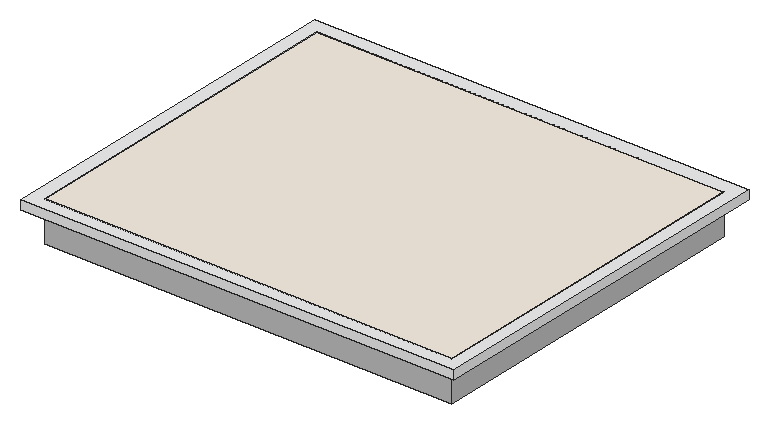
Revit family "Lighting-Industriale-GEWISS-ELIA-HL-LED_RIFLETTORE", category Apparecchi per illuminazione, host Superficie, Revit 2019 (continued)
Types (12, lengths in mm): name | Tensione | Scheda Tecnica | Potenza di sistema | Peso (kg): | Peso (kg) | Ottica | built-in parameter 1150142 | Lumen output (lm) | Modello | IDT | File diagramma fotometrico | Description
    676.76 15460.93 15242.31 15018.11 14788.35 14546.06 \r\n14289.84 14014.12 13723.09 13418.13 13103.43 12785.94 \r\n12471.23 12163.49 11859.92 11559.14 11262.54 10967.33 \r\n10672.12 10378.30 10091.45 9814.34 9541.41 9268.48 \r\n8999.73 8735.15 8476.15 8225.50 7983.20 7747.87 7516.72 \r\n7291.13 7068.33 6851.10 6636.66 6424.99 6211.94 6000.28 \r\n5788.62 5582.53 5377.84 5180.10 4986.54 4804.13 4627.28 \r\n4453.22 4283.33 4117.62 3957.49 3808.49 3665.06 3527.20 \r\n3394.92 3266.81 3144.27 3027.30 2914.50 2804.91 2699.64 \r\n2600.22 2504.13 2408.89 2316.84 2230.78 2147.79 2065.36 \r\n1984.31 1903.13 1824.73 1752.74 1684.65 1618.22 1554.87 \r\n1495.96 1439.85 1384.98 1331.93 1281.24 1232.78 1185.85 \r\n1141.01 1098.54 1058.44 1020.56 984.50 949.96 916.26 \r\n882.57 849.29 816.01 783.70 754.04 726.33 701.68 677.87 \r\n653.22 627.60 599.47 571.90 547.67 525.39 504.64 485.15 \r\n466.21 447.83 430.28 414.83 403.41 393.94 384.61 375.28 \r\n366.37 354.95 336.29 315.40 297.44 279.27 259.77 238.77 \r\n215.22 190.51 165.50 140.68 116.79 93.97 72.19 52.66 \r\n36.62 23.96 15.23 9.48 5.89 4.72 \r\n20514.31 20512.92 20504.56 20492.03 20472.54 20447.47 \r\n20416.84 20383.42 20345.82 20304.04 20256.70 20206.57 \r\n20152.26 20092.38 20029.72 19965.67 19896.04 19825.02 \r\n19751.22 19670.45 19589.69 19507.53 19422.59 19332.08 \r\n19237.39 19138.52 19034.08 18922.68 18807.10 18688.74 \r\n18564.81 18436.70 18305.81 18169.34 18030.09 17893.63 \r\n17755.77 17615.13 17471.70 17325.49 17175.10 17021.92 \r\n16861.78 16687.72 16502.52 16310.35 16108.44 15900.96 \r\n15687.90 15472.07 15252.05 15029.25 14798.10 14557.20 \r\n14300.98 14025.26 13734.23 13427.88 13115.96 12799.86 \r\n12485.16 12177.41 11872.46 11571.68 11273.68 10977.08 \r\n10681.87 10388.05 10099.80 9822.69 9549.76 9278.23 \r\n9008.08 8742.11 8483.11 8232.46 7988.77 7750.66 7519.50 \r\n7291.13 7068.33 6851.10 6635.26 6420.82 6210.55 5997.50 \r\n5787.23 5579.75 5376.44 5177.32 4985.15 4802.73 4625.89 \r\n4450.43 4280.55 4113.44 3954.70 3804.31 3663.67 3524.42 \r\n3392.13 3265.41 3141.48 3024.51 2911.72 2801.43 2695.46 \r\n2595.62 2499.12 2403.59 2311.55 2225.49 2142.64 2060.62 \r\n1980.00 1899.23 1821.53 1749.95 1682.00 1615.44 1552.22 \r\n1493.46 1437.48 1382.33 1329.00 1278.73 1230.27 1183.76 \r\n1139.07 1096.45 1056.21 1018.20 982.27 947.87 914.45 \r\n881.17 848.03 814.61 782.45 752.65 725.07 700.15 676.20 \r\n651.69 626.35 598.77 571.48 547.39 525.11 504.36 484.59 \r\n465.23 447.13 429.73 414.41 403.69 394.50 384.61 374.58 \r\n365.11 353.14 334.76 314.43 296.60 278.37 258.68 237.55 \r\n214.31 189.98 165.11 140.36 116.59 93.84 72.01 52.43 \r\n36.48 23.91 15.22 9.51 5.92 4.74 \r\n20514.31 20512.92 20504.56 20492.03 20472.54 20447.47 \r\n20416.84 20384.81 20345.82 20304.04 20259.48 20207.96 \r\n20153.65 20093.78 20031.11 19965.67 19898.83 19827.81 \r\n19754.01 19676.03 19593.87 19511.71 19426.77 19336.26 \r\n19241.56 19142.70 19038.26 18926.86 18811.28 18692.92 \r\n18567.60 18442.27 18311.38 18174.91 18037.05 17900.59 \r\n17762.73 17622.09 17478.66 17332.45 17183.45 17031.67 \r\n16870.14 16696.08 16510.87 16318.71 16119.58 15912.10 \r\n15700.44 15484.60 15265.98 15040.39 14810.63 14569.73 \r\n14312.11 14036.40 13745.37 13441.80 13128.49 12813.79 \r\n12501.86 12192.73 11887.77 11584.21 11283.43 10986.83 \r\n10691.61 10399.19 10109.55 9832.44 9559.51 9286.58 \r\n9017.83 8751.86 8491.47 8239.42 7992.95 7754.83 7520.89 \r\n7292.52 7068.33 6848.32 6632.48 6419.43 6206.37 5996.11 \r\n5785.84 5578.36 5373.66 5175.92 4983.76 4801.34 4624.49 \r\n4450.43 4279.15 4113.44 3953.31 3804.31 3660.88 3523.03 \r\n3390.74 3264.02 3140.09 3021.73 2908.93 2798.93 2692.40 \r\n2591.72 2494.80 2399.00 2306.82 2220.90 2138.18 2056.58 \r\n1976.24 1896.17 1819.16 1747.87 1679.91 1613.49 1550.13 \r\n1491.51 1435.53 1380.25 1326.91 1276.64 1228.60 1182.09 \r\n1137.67 1095.06 1054.40 1016.53 980.46 946.20 913.06 \r\n880.06 847.34 813.92 781.47 751.81 723.96 698.90 674.67 \r\n650.16 625.23 598.08 571.34 547.53 525.11 504.09 484.17 \r\n464.68 446.30 429.31 414.41 403.96 394.77 384.47 373.89 \r\n363.72 351.33 333.23 313.31 295.63 277.30 257.43 236.14 \r\n213.25 189.34 164.61 139.92 116.25 93.56 71.70 52.11 \r\n36.27 23.83 15.20 9.52 5.94 4.75 \r\n20514.31 20512.92 20505.95 20492.03 20473.93 20448.86 \r\n20418.23 20384.81 20348.60 20306.83 20259.48 20209.35 \r\n20155.05 20096.56 20033.90 19968.45 19901.61 19831.99 \r\n19756.79 19678.81 19599.44 19517.28 19430.95 19340.43 \r\n19245.74 19146.88 19041.05 18929.65 18815.46 18697.10 \r\n18573.17 18446.45 18316.95 18181.87 18044.01 17907.55 \r\n17771.09 17630.44 17488.41 17342.20 17193.20 17040.02 \r\n16881.28 16705.82 16522.01 16331.24 16132.11 15924.63 \r\n15714.36 15498.53 15278.51 15054.32 14823.16 14580.87 \r\n14326.04 14048.93 13759.29 13455.73 13143.81 12830.50 \r\n12517.18 12209.44 11901.70 11596.74 11295.96 10997.97 \r\n10702.76 10407.55 10119.30 9842.19 9570.65 9296.33 \r\n9026.19 8760.22 8499.82 8246.39 7999.91 7759.01 7523.68 \r\n7292.52 7066.94 6846.92 6628.30 6415.25 6203.59 5991.93 \r\n5783.05 5575.57 5373.66 5174.53 4982.37 4801.34 4624.49 \r\n4451.82 4280.55 4112.05 3953.31 3804.31 3660.88 3523.03 \r\n3390.74 3262.63 3140.09 3020.33 2906.15 2796.14 2690.03 \r\n2588.80 2491.18 2395.10 2302.78 2217.00 2134.56 2052.96 \r\n1972.89 1893.80 1817.49 1746.33 1678.66 1612.24 1549.02 \r\n1490.25 1434.28 1378.71 1325.24 1275.11 1227.21 1181.12 \r\n1136.98 1094.09 1053.29 1015.13 978.93 944.81 911.81 \r\n879.22 846.78 813.50 781.05 751.25 723.40 697.78 673.27 \r\n648.77 623.98 597.38 571.34 547.67 525.53 504.22 484.03 \r\n464.26 445.60 428.61 414.27 404.10 395.33 384.61 373.19 \r\n362.19 349.38 331.55 312.20 294.51 276.20 256.03 234.58 \r\n212.05 188.59 163.99 139.38 115.76 93.13 71.28 51.72 \r\n36.01 23.71 15.16 9.52 5.96 4.76 \r\n20514.31 20512.92 20505.95 20492.03 20473.93 20448.86 \r\n20419.62 20386.20 20348.60 20306.83 20262.27 20212.14 \r\n20156.44 20096.56 20036.68 19972.63 19905.79 19836.16 \r\n19760.97 19685.77 19603.62 19521.46 19435.12 19344.61 \r\n19249.92 19149.66 19045.22 18935.22 18819.64 18701.28 \r\n18578.74 18452.02 18323.91 18188.84 18052.37 17917.30 \r\n17779.44 17640.19 17498.15 17351.94 17202.95 17049.77 \r\n16891.03 16715.57 16533.15 16342.38 16146.04 15939.95 \r\n15728.29 15513.84 15292.44 15068.24 14837.09 14594.79 \r\n14338.57 14062.86 13773.22 13469.65 13159.13 12847.21 \r\n12535.29 12224.76 11915.62 11609.27 11305.71 11006.32 \r\n10711.11 10418.69 10130.44 9853.33 9579.01 9304.69 \r\n9034.54 8769.97 8509.57 8254.74 8005.48 7761.80 7525.07 \r\n7292.52 7065.55 6842.74 6625.52 6411.07 6199.41 5990.53 \r\n5781.66 5574.18 5372.27 5173.14 4980.97 4801.34 4625.89 \r\n4451.82 4279.15 4113.44 3953.31 3804.31 3662.28 3524.42 \r\n3392.13 3264.02 3140.09 3020.33 2906.15 2794.75 2688.78 \r\n2586.71 2488.40 2392.04 2299.71 2213.80 2131.50 2050.04 \r\n1970.39 1891.85 1816.38 1745.50 1677.82 1611.54 1548.18 \r\n1489.56 1433.44 1377.74 1324.27 1274.14 1226.37 1180.56 \r\n1136.56 1093.53 1052.59 1014.02 977.95 943.84 910.83 \r\n878.53 846.36 813.36 780.91 751.11 722.99 697.09 672.16 \r\n647.51 622.87 596.96 571.48 548.23 526.09 504.50 483.75 \r\n463.70 444.90 428.19 414.27 404.38 395.47 384.61 372.63 \r\n360.80 347.29 329.74 310.81 293.26 274.94 254.51 232.90 \r\n210.74 187.72 163.28 138.71 115.16 92.57 70.75 51.26 \r\n35.72 23.58 15.11 9.51 5.97 4.78 \r\n20514.31 20512.92 20505.95 20492.03 20473.93 20450.26 \r\n20421.01 20387.59 20351.39 20309.61 20263.66 20212.14 \r\n20156.44 20099.35 20038.08 19975.41 19909.97 19840.34 \r\n19766.54 19689.95 19609.19 19527.03 19440.69 19348.79 \r\n19252.70 19153.84 19048.01 18938.00 18823.81 18705.45 \r\n18585.70 18460.37 18330.87 18195.80 18060.73 17925.65 \r\n17789.19 17649.94 17506.51 17361.69 17212.69 17060.91 \r\n16899.38 16726.71 16544.29 16354.91 16158.57 15953.87 \r\n15743.60 15527.77 15306.36 15083.56 14851.01 14610.11 \r\n14353.89 14078.18 13788.54 13486.36 13177.23 12866.70 \r\n12554.78 12241.47 11932.33 11621.81 11315.46 11016.07 \r\n10720.86 10428.43 10140.19 9863.08 9588.76 9315.83 \r\n9044.29 8779.71 8519.32 8261.70 8012.44 7767.36 7527.86 \r\n7292.52 7064.15 6839.96 6621.34 6406.89 6195.23 5986.36 \r\n5778.88 5572.78 5369.48 5171.74 4980.97 4801.34 4627.28 \r\n4453.22 4281.94 4114.84 3954.70 3804.31 3662.28 3524.42 \r\n3393.52 3264.02 3140.09 3020.33 2906.15 2796.14 2688.08 \r\n2585.45 2486.31 2389.81 2297.35 2211.43 2128.99 2047.67 \r\n1968.16 1890.60 1815.68 1745.22 1677.41 1611.40 1548.04 \r\n1489.28 1433.02 1377.18 1323.57 1273.44 1225.96 1180.56 \r\n1136.56 1093.53 1052.03 1013.46 977.12 942.86 910.00 \r\n878.11 846.22 813.36 781.19 751.39 722.99 696.53 670.91 \r\n646.26 621.75 596.55 571.90 548.92 526.78 504.92 483.89 \r\n463.28 444.35 427.92 414.13 404.66 395.75 384.47 371.94 \r\n359.27 345.34 328.07 309.55 292.01 273.65 252.89 231.09 \r\n209.31 186.73 162.45 137.94 114.44 91.91 70.15 50.76 \r\n35.38 23.42 15.04 9.48 5.98 4.79 \r\n20514.31 20512.92 20505.95 20492.03 20473.93 20450.26 \r\n20421.01 20387.59 20351.39 20311.01 20266.45 20213.53 \r\n20159.22 20103.52 20042.25 19979.59 19914.14 19844.52 \r\n19772.11 19695.52 19616.15 19532.60 19444.87 19354.36 \r\n19258.28 19158.01 19052.19 18943.57 18827.99 18711.02 \r\n18589.88 18467.34 18337.83 18204.15 18069.08 17935.40 \r\n17798.94 17658.29 17516.26 17371.44 17223.83 17070.66 \r\n16910.52 16737.85 16554.04 16367.45 16172.50 15969.19 \r\n15758.92 15543.09 15323.07 15097.49 14866.33 14625.43 \r\n14369.21 14093.49 13803.85 13503.07 13193.94 12884.80 \r\n12572.88 12259.57 11946.26 11634.34 11326.60 11025.82 \r\n10729.21 10436.79 10149.93 9872.83 9599.90 9325.57 \r\n9052.64 8788.07 8527.67 8268.66 8016.62 7770.15 7527.86 \r\n7292.52 7061.37 6835.78 6615.77 6402.72 6191.06 5982.18 \r\n5776.09 5571.39 5368.09 5170.35 4979.58 4801.34 4627.28 \r\n4453.22 4283.33 4116.23 3956.09 3805.70 3663.67 3527.20 \r\n3394.92 3266.81 3140.09 3020.33 2906.15 2795.44 2688.22 \r\n2584.90 2485.06 2388.28 2295.95 2209.76 2127.18 2045.86 \r\n1966.63 1889.76 1815.68 1745.36 1677.68 1611.54 1548.32 \r\n1489.42 1433.02 1377.04 1323.43 1273.44 1225.96 1180.70 \r\n1136.98 1093.81 1052.17 1013.18 976.56 942.30 909.58 \r\n877.69 846.22 813.64 781.61 751.81 723.26 696.11 670.07 \r\n645.01 620.78 596.13 572.18 549.62 527.48 505.34 483.89 \r\n463.01 444.07 427.64 413.99 404.66 396.03 384.33 371.24 \r\n357.87 343.25 326.26 308.16 290.61 272.22 251.15 229.19 \r\n207.79 185.65 161.50 137.05 113.60 91.11 69.47 50.21 \r\n35.04 23.26 14.96 9.46 5.98 4.80 \r\n20514.31 20512.92 20505.95 20493.42 20475.32 20450.26 \r\n20421.01 20388.99 20354.17 20313.79 20266.45 20216.31 \r\n20162.01 20104.92 20045.04 19983.77 19918.32 19848.70 \r\n19776.28 19701.09 19621.72 19538.17 19450.44 19358.53 \r\n19262.45 19162.19 19056.36 18946.35 18833.56 18716.59 \r\n18596.84 18471.51 18344.80 18213.90 18077.44 17943.76 \r\n17808.68 17668.04 17526.01 17381.19 17233.58 17081.80 \r\n16921.66 16747.60 16566.57 16381.37 16186.42 15984.51 \r\n15774.24 15558.40 15338.39 15114.20 14880.25 14639.35 \r\n14384.53 14110.20 13820.56 13519.78 13210.65 12902.91 \r\n12592.38 12276.28 11961.58 11645.48 11334.95 11034.17 \r\n10736.18 10445.14 10158.29 9882.57 9608.25 9333.93 \r\n9062.39 8796.42 8534.63 8275.63 8022.19 7771.54 7529.25 \r\n7291.13 7058.58 6833.00 6611.59 6395.75 6185.49 5978.00 \r\n5773.31 5568.61 5365.30 5168.96 4979.58 4801.34 4628.67 \r\n4456.00 4284.72 4119.02 3958.88 3809.88 3666.45 3528.60 \r\n3397.70 3268.20 3142.87 3023.12 2907.54 2795.86 2689.06 \r\n2584.90 2484.64 2387.58 2295.12 2208.78 2126.07 2044.61 \r\n1965.65 1889.48 1815.96 1745.78 1678.24 1612.10 1549.02 \r\n1489.98 1433.44 1377.46 1323.71 1273.72 1226.37 1181.12 \r\n1137.67 1094.37 1052.45 1013.18 976.28 941.89 909.16 \r\n877.55 846.22 814.06 782.31 752.37 723.68 695.97 669.10 \r\n644.03 619.80 595.85 572.60 550.32 528.45 506.03 484.17 \r\n462.87 443.51 427.36 413.99 404.66 396.17 384.05 370.41 \r\n356.34 341.30 324.31 306.63 289.14 270.65 249.35 227.26 \r\n206.16 184.46 160.44 136.06 112.65 90.23 68.73 49.64 \r\n34.67 23.08 14.88 9.42 5.98 4.80 \r\n20514.31 20512.92 20504.56 20493.42 20475.32 20451.65 \r\n20422.40 20391.77 20355.56 20313.79 20267.84 20217.71 \r\n20164.79 20107.70 20049.22 19987.95 19922.50 19854.26 \r\n19780.46 19706.66 19627.29 19542.35 19454.62 19362.71 \r\n19266.63 19164.98 19060.54 18950.53 18839.13 18723.56 \r\n18602.41 18479.87 18353.15 18220.86 18087.18 17954.90 \r\n17818.43 17679.18 17535.75 17392.33 17244.72 17091.55 \r\n16932.80 16760.13 16579.10 16393.90 16201.74 15998.43 \r\n15789.56 15575.11 15353.70 15129.51 14895.57 14654.67 \r\n14399.84 14125.52 13837.27 13537.89 13230.14 12922.40 \r\n12611.87 12294.38 11974.11 11656.62 11343.31 11041.13 \r\n10743.14 10452.11 10166.64 9889.54 9616.61 9340.89 \r\n9067.96 8803.39 8542.99 8282.59 8026.37 7774.33 7529.25 \r\n7291.13 7055.80 6828.82 6606.02 6390.18 6179.92 5972.43 \r\n5769.13 5564.43 5363.91 5167.57 4978.19 4801.34 4630.06 \r\n4457.39 4287.51 4120.41 3961.66 3811.27 3669.24 3531.38 \r\n3400.49 3269.59 3145.66 3024.51 2908.93 2798.37 2690.45 \r\n2585.73 2484.78 2387.58 2295.26 2208.51 2125.65 2044.05 \r\n1965.24 1889.48 1816.93 1746.75 1678.94 1613.07 1549.85 \r\n1490.67 1434.00 1377.88 1324.27 1274.28 1226.79 1181.95 \r\n1138.37 1095.06 1053.15 1013.46 976.14 941.47 908.75 \r\n877.41 846.36 814.47 783.14 753.20 724.24 695.83 668.54 \r\n643.06 619.11 595.71 573.01 551.15 529.15 506.59 484.17 \r\n462.73 443.23 427.08 413.85 404.66 396.03 383.63 369.71 \r\n354.95 339.21 322.64 305.10 287.68 268.99 247.49 225.26 \r\n204.49 183.14 159.27 134.96 111.64 89.29 67.95 49.06 \r\n34.31 22.91 14.80 9.38 5.97 4.81 \r\n20514.31 20512.92 20504.56 20493.42 20475.32 20451.65 \r\n20422.40 20391.77 20356.96 20315.18 20270.62 20220.49 \r\n20166.19 20110.49 20052.00 19990.73 19925.28 19857.05 \r\n19786.03 19710.84 19631.47 19547.92 19460.19 19366.89 \r\n19272.20 19170.55 19064.72 18956.10 18843.31 18729.13 \r\n18609.37 18486.83 18360.11 18230.61 18096.93 17963.25 \r\n17828.18 17688.93 17545.50 17402.07 17254.47 17102.69 \r\n16942.55 16771.27 16590.25 16407.83 16215.66 16013.75 \r\n15804.88 15590.43 15370.42 15144.83 14910.89 14669.99 \r\n14416.55 14142.23 13855.38 13554.60 13248.25 12940.50 \r\n12629.98 12311.09 11989.43 11669.15 11351.66 11048.09 \r\n10750.10 10459.07 10175.00 9896.50 9622.18 9346.46 \r\n9074.92 8810.35 8547.16 8286.77 8029.16 7775.72 7529.25 \r\n7288.35 7053.01 6823.25 6600.45 6384.61 6174.35 5968.26 \r\n5766.34 5561.64 5361.13 5166.18 4978.19 4801.34 4631.46 \r\n4458.78 4288.90 4121.80 3963.06 3814.06 3672.02 3534.17 \r\n3401.88 3272.38 3147.05 3027.30 2910.33 2800.32 2692.40 \r\n2587.27 2485.75 2388.56 2295.95 2209.20 2125.93 2044.05 \r\n1965.10 1890.04 1817.91 1747.87 1680.05 1614.19 1551.11 \r\n1491.79 1434.83 1378.71 1325.10 1274.97 1227.63 1182.79 \r\n1139.34 1095.90 1053.84 1013.88 976.14 941.47 908.61 \r\n877.14 846.36 815.03 783.98 754.18 724.94 695.83 667.98 \r\n642.36 618.13 595.43 573.57 551.71 529.99 507.15 484.45 \r\n462.73 442.95 426.80 413.71 404.52 395.75 383.22 368.87 \r\n353.56 337.40 320.69 303.70 286.10 267.28 245.58 223.25 \r\n202.73 181.74 158.01 133.78 110.51 88.26 67.13 48.49 \r\n33.98 22.74 14.71 9.33 5.96 4.81 \r\n20514.31 20512.92 20504.56 20493.42 20475.32 20451.65 \r\n20423.80 20393.16 20358.35 20317.97 20272.01 20221.89 \r\n20167.58 20111.88 20053.39 19993.51 19928.07 19859.84 \r\n19788.82 19713.62 19634.25 19550.70 19462.97 19369.67 \r\n19274.99 19173.33 19068.90 18960.28 18848.88 18733.30 \r\n18614.94 18493.79 18367.08 18237.57 18103.89 17971.60 \r\n17835.14 17695.89 17553.85 17409.03 17261.43 17109.65 \r\n16950.90 16781.02 16599.99 16417.58 16226.80 16026.28 \r\n15816.01 15602.96 15382.95 15157.36 14924.82 14685.31 \r\n14430.48 14158.94 13872.09 13572.70 13264.96 12957.21 \r\n12643.90 12322.23 11999.17 11674.72 11355.84 11048.09 \r\n10751.49 10459.07 10175.00 9896.50 9622.18 9346.46 \r\n9073.53 8807.56 8545.77 8283.98 8024.98 7771.54 7523.68 \r\n7282.78 7048.84 6817.68 6593.49 6376.26 6164.60 5959.90 \r\n5757.99 5554.68 5355.56 5162.00 4975.40 4798.56 4628.67 \r\n4456.00 4288.90 4124.59 3965.84 3816.84 3673.42 3536.95 \r\n3406.06 3276.55 3151.23 3031.47 2915.90 2804.36 2697.13 \r\n2592.14 2491.18 2394.26 2301.66 2213.94 2129.83 2047.25 \r\n1967.88 1892.41 1820.28 1749.95 1682.00 1615.86 1552.64 \r\n1493.18 1436.09 1380.25 1326.63 1276.50 1229.02 1184.04 \r\n1140.46 1097.15 1055.10 1014.85 976.98 941.89 908.61 \r\n876.86 846.08 815.31 785.09 755.15 725.77 696.25 667.84 \r\n642.22 618.27 595.57 573.71 552.13 530.26 507.43 484.87 \r\n463.15 443.23 426.80 413.29 403.83 394.77 382.
